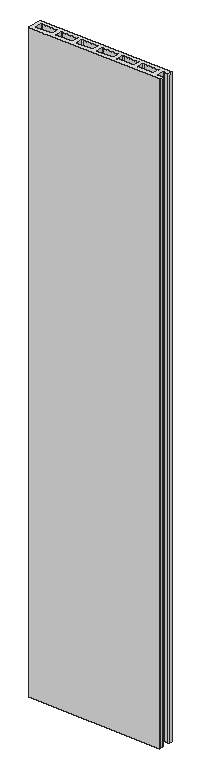
Revit family "ECP_MNH-5045A(オス側カット)", category 一般モデル, Revit 2022
Family settings
  鉄筋をホスト可能 = いいえ
  丸型コネクタ寸法 = 直径を使用
  パーツ タイプ = 標準
  作業面ベース = いいえ
  常に垂直 = はい
  ロード時にボイドで切り取り = はい
  注釈の向きを維持 = いいえ
  共有 = いいえ
  部屋計算ポイント = いいえ
Parameters (values of type "ECP_MNH-5045A")
  長さ [instance] = 2000 mm
  穴表示 = yes
  材質 = 40Msr_ECP
  既定の高さ = 0 mm
  既存長さ = 450 mm
  幅 [instance] = 440 mm
  固定寸法 = 440 mm
  厚さ = 50 mm
  オースカット = 0 mm
  オス側カット [instance] = 固定寸法 - 幅  # 0 mm
  4 オス側カット [instance] = yes
Reference planes
  plane 1 "中心(正面/背面)": y = 0
  plane 2: z = 0
  plane 3 "中心(左/右)": x = 0
  plane 4: y = -25
  plane 5: y = 25
  plane 6: z = 2000
  plane 7: x = 440
  plane 8: x = 0
Forms (mm)
  Extrusion 1, solid, material "40Msr_ECP" <- "材質", detail levels fine
    sketch origin (0, 0, 0) x (1, 0, 0) y (0, 1, 0)
      loop
        line (0, -23) -> (2, -25) -> (438, -25) -> (440, -23) -> (440, -15)
        arc (440, -15) -> (439.121, -12.879) -> (437, -12) r 3
        line (437, -12) -> (423, -12)
        arc (423, -12) -> (420.879, -11.122) -> (420, -9) r 3
        line (420, -9) -> (420, 9)
        arc (420, 9) -> (420.879, 11.121) -> (423, 12) r 3
        line (423, 12) -> (437, 12)
        arc (437, 12) -> (439.121, 12.878) -> (440, 15) r 3
        line (440, 15) -> (440, 23) -> (438, 25) -> (2, 25) -> (0, 23) -> (0, 13)
        arc (0, 13) -> (-0.879, 10.879) -> (-3, 10) r 3
        line (-3, 10) -> (-17, 10)
        arc (-17, 10) -> (-19.121, 9.121) -> (-20, 7) r 3
        line (-20, 7) -> (-20, -7)
        arc (-20, -7) -> (-19.121, -9.121) -> (-17, -10) r 3
        line (-17, -10) -> (-3, -10)
        arc (-3, -10) -> (-0.879, -10.879) -> (0, -13) r 3
        line (0, -13) -> (0, -23)
    from 0 to 2000
  Extrusion 2, void
    sketch origin (-50, 0, 0) x (1, 0, 0) y (0, 1, 0)
      loop
        line (50, -25) -> (50, 25) -> (30, 25) -> (30, -25) -> (50, -25)
    from 0 to 2000
  Extrusion 3, void
    sketch origin (-617, 0, 0) x (1, 0, 0) y (0, 1, 0)
      loop
        line (633, -12) -> (681.5, -12)
        arc (681.5, -12) -> (683.622, -11.121) -> (684.5, -9) r 3
        line (684.5, -9) -> (684.5, 9)
        arc (684.5, 9) -> (683.622, 11.121) -> (681.5, 12) r 3
        line (681.5, 12) -> (633, 12)
        arc (633, 12) -> (630.879, 11.121) -> (630, 9) r 3
        line (630, 9) -> (630, -9)
        arc (630, -9) -> (630.879, -11.121) -> (633, -12) r 3
      loop
        line (700.5, -12) -> (749.5, -12)
        arc (749.5, -12) -> (751.622, -11.121) -> (752.5, -9) r 3
        line (752.5, -9) -> (752.5, 9)
        arc (752.5, 9) -> (751.622, 11.121) -> (749.5, 12) r 3
        line (749.5, 12) -> (700.5, 12)
        arc (700.5, 12) -> (698.379, 11.121) -> (697.5, 9) r 3
        line (697.5, 9) -> (697.5, -9)
        arc (697.5, -9) -> (698.379, -11.121) -> (700.5, -12) r 3
      loop
        line (768.5, -12) -> (817.5, -12)
        arc (817.5, -12) -> (819.622, -11.121) -> (820.5, -9) r 3
        line (820.5, -9) -> (820.5, 9)
        arc (820.5, 9) -> (819.622, 11.121) -> (817.5, 12) r 3
        line (817.5, 12) -> (768.5, 12)
        arc (768.5, 12) -> (766.379, 11.121) -> (765.5, 9) r 3
        line (765.5, 9) -> (765.5, -9)
        arc (765.5, -9) -> (766.379, -11.121) -> (768.5, -12) r 3
      loop
        line (836.5, -12) -> (885.5, -12)
        arc (885.5, -12) -> (887.622, -11.121) -> (888.5, -9) r 3
        line (888.5, -9) -> (888.5, 9)
        arc (888.5, 9) -> (887.622, 11.121) -> (885.5, 12) r 3
        line (885.5, 12) -> (836.5, 12)
        arc (836.5, 12) -> (834.379, 11.121) -> (833.5, 9) r 3
        line (833.5, 9) -> (833.5, -9)
        arc (833.5, -9) -> (834.379, -11.121) -> (836.5, -12) r 3
      loop
        line (904.5, -12) -> (953.5, -12)
        arc (953.5, -12) -> (955.622, -11.121) -> (956.5, -9) r 3
        line (956.5, -9) -> (956.5, 9)
        arc (956.5, 9) -> (955.622, 11.121) -> (953.5, 12) r 3
        line (953.5, 12) -> (904.5, 12)
        arc (904.5, 12) -> (902.379, 11.121) -> (901.5, 9) r 3
        line (901.5, 9) -> (901.5, -9)
        arc (901.5, -9) -> (902.379, -11.121) -> (904.5, -12) r 3
      loop
        line (972.5, -12) -> (1021, -12)
        arc (1021, -12) -> (1023.122, -11.121) -> (1024, -9) r 3
        line (1024, -9) -> (1024, 9)
        arc (1024, 9) -> (1023.122, 11.121) -> (1021, 12) r 3
        line (1021, 12) -> (972.5, 12)
        arc (972.5, 12) -> (970.379, 11.121) -> (969.5, 9) r 3
        line (969.5, 9) -> (969.5, -9)
        arc (969.5, -9) -> (970.379, -11.121) -> (972.5, -12) r 3
    from 0 to 2000
Cuts and joins
  Extrusion 2, Extrusion 3 cuts Extrusion 1
Lines and regions (mm)
  symbolic lines, style "ECPパネル", detail levels coarse+medium
    curve 1: line (0, 25, 0) -> (440, 25, 0)
    curve 2: line (0, -25, 0) -> (0, 25, 0)
    curve 3: line (440, -25, 0) -> (0, -25, 0)
    curve 4: line (440, 25, 0) -> (440, -25, 0)
    curve 5: line (0, 0, 0) -> (440, 0, 0)
    curve 6: line (0, 0, 2000) -> (0, 0, 0)
    curve 7: line (440, 0, 2000) -> (0, 0, 2000)
    curve 8: line (440, 0, 0) -> (440, 0, 2000)
    curve 9: line (0, -25, 2000) -> (0, 25, 2000)
    curve 10: line (0, -25, 0) -> (0, -25, 2000)
    curve 11: line (0, 25, 0) -> (0, -25, 0)
    curve 12: line (0, 25, 2000) -> (0, 25, 0)
Dimensions and locks
  "厚さ": plane 4 to plane 5
  "長さ": plane 6 to level
  equal spacing: plane 4, plane 1 "中心(正面/背面)", plane 5
  "長さ": cut or joined group of Extrusion 1, Extrusion 2, Extrusion 3 to level
  "長さ": Extrusion 2 to level
  "幅": cut or joined group of Extrusion 1, Extrusion 2, Extrusion 3 to curve 8
  "長さ": level to Extrusion 3
  "固定寸法": plane 3 "中心(左/右)" to cut or joined group of Extrusion 1, Extrusion 2, Extrusion 3
  "オス側カット": plane 3 "中心(左/右)" to Extrusion 2 sketch curve
  "幅": plane 8 to plane 7
  aligned and locked: level to plane 2
  aligned and locked: plane 7 to curve 4
Automatic sketch dimensions
  curve 11 to level = 0 mm
  curve 11 to plane 4 = 0 mm
  curve 11 to plane 5 = 0 mm
  curve 10 to plane 6 = 0 mm
  curve 7 to plane 3 "中心(左/右)" = 0 mm
  curve 5 to level = 0 mm
  curve 7 to plane 6 = 0 mm
  Extrusion 1 sketch curve to plane 3 "中心(左/右)" = 0 mm  (x2)
  plane 5 to Extrusion 1 sketch curve = 0 mm
  plane 4 to Extrusion 1 sketch curve = 0 mm
  Extrusion 1 sketch curve to plane 3 "中心(左/右)" = 3 mm  (x2)
  Extrusion 1 sketch curve to Extrusion 1 sketch curve = 14 mm  (x4)
  Extrusion 1 sketch curve to Extrusion 1 sketch curve = 3 mm  (x3)
  plane 3 "中心(左/右)" to Extrusion 1 sketch curve = 2 mm  (x2)
  plane 1 "中心(正面/背面)" to Extrusion 1 sketch curve = 9 mm
  Extrusion 1 sketch curve to Extrusion 1 sketch curve = 1 mm  (x2)
  Extrusion 1 sketch curve to Extrusion 1 sketch curve = 2 mm  (x2)
  Extrusion 1 sketch curve to plane 4 = 2 mm  (x2)
  Extrusion 1 sketch curve to Extrusion 1 sketch curve = 10 mm
  Extrusion 1 sketch curve to plane 1 "中心(正面/背面)" = 7 mm
  Extrusion 1 sketch curve to plane 1 "中心(正面/背面)" = 9 mm
  plane 5 to Extrusion 1 sketch curve = 2 mm  (x2)
  plane 3 "中心(左/右)" to Extrusion 3 sketch curve = 13 mm
  Extrusion 3 sketch curve to Extrusion 3 sketch curve = 3 mm  (x18)
  plane 5 to Extrusion 3 sketch curve = 13 mm  (x6)
  Extrusion 3 sketch curve to Extrusion 3 sketch curve = 48.5 mm  (x2)
  Extrusion 3 sketch curve to Extrusion 3 sketch curve = 0 mm  (x6)
  Extrusion 3 sketch curve to Extrusion 3 sketch curve = 13 mm  (x5)
  Extrusion 3 sketch curve to Extrusion 3 sketch curve = 49 mm  (x4)
  Extrusion 3 sketch curve to plane 4 = 13 mm  (x6)
  Extrusion 1 sketch curve to Extrusion 1 sketch curve = 418 mm
  plane 4 to Extrusion 2 sketch curve = 0 mm
  plane 5 to Extrusion 2 sketch curve = 0 mm
  Extrusion 2 sketch curve to plane 3 "中心(左/右)" = 20 mm
  plane 4 to curve 2 = 0 mm
  curve 2 to plane 8 = 0 mm
  plane 5 to curve 1 = 0 mm
